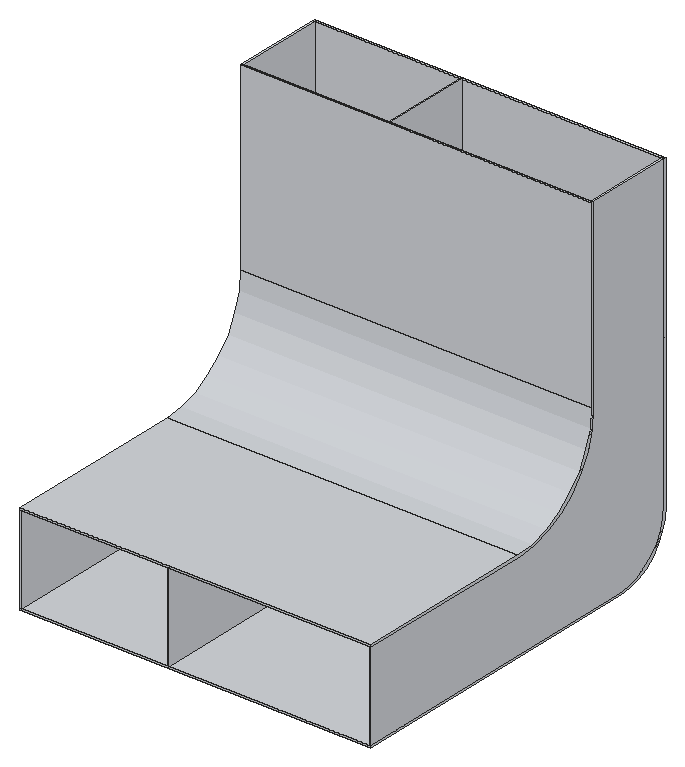
Revit family "Estrichüberdecktes Kanalsystem EÜK_Vertikalkrümmer_2-zügig", category Generic Models, Revit 2015
Parameters (values of type "KV2 19048")
  Width = 200 mm
  URL = "http://www.obo-bettermann.com"
  Size "b" = 110 mm
  Size "a" = 80 mm
  Material = Steel, Galvanized
  Manufacturer Art. No. = "7400628"
  Manufacturer = "OBO Bettermann"
  Length = 190 mm
  Height = 48 mm
  GTIN = "4012195090342"
  Article Type = "KV2 19048"
Types (7, lengths in mm): name | Size "b" | Size "a" | Manufacturer Art. No. | Length | Height | GTIN | Article Type
  (no name) | 110 | 80 | "7400628" | 190 | 48 | "4012195090342" | "KV2 19048"
  KV2 19028 | 110 | 80 | "7400620" | 190 | 28 | "4012195090304" | "KV2 19028"
  KV2 25028 | 140 | 110 | "7400632" | 250 | 28 | "4012195090359" | "KV2 25028"
  KV2 19038 | 110 | 80 | "7400624" | 190 | 38 | "4012195090335" | "KV2 19038"
  KV2 19048 | 110 | 80 | "7400628" | 190 | 48 | "4012195090342" | "KV2 19048"
  KV2 25038 | 140 | 110 | "7400636" | 250 | 38 | "4012195090366" | "KV2 25038"
  KV2 25048 | 140 | 110 | "7400640" | 250 | 48 | "4012195090397" | "KV2 25048"
Reference planes
  plane 1 "Center (Front/Back)": y = 0
  plane 2: z = 25.51
  plane 3 "Center (Left/Right)": x = 0
  plane 4: y = -200
  plane 5: z = 225.51
  plane 6: z = 74.51
  plane 7: y = -49
  plane 8: z = 26.51
  plane 9: y = -1
  plane 10: x = 1
  plane 11: x = 80
  plane 12: x = 190
  plane 13: x = 81
  plane 14: x = 191
Forms (mm)
  Extrusion 1, solid
    sketch origin (0, 0, 0) x (0, 1, 0) y (0, 0, 1)
      loop
        line (-1, 225.51) -> (-1, 56.51)
        arc (-1, 56.51) -> (-9.787, 35.297) -> (-31, 26.51) r 30
        line (-31, 26.51) -> (-200, 26.51) -> (-200, 25.51) -> (-30, 25.51)
        arc (-30, 25.51) -> (-8.787, 34.297) -> (0, 55.51) r 30
        line (0, 55.51) -> (0, 225.51) -> (-1, 225.51)
    from 0 to 191
  Extrusion 2, solid
    sketch origin (0, 0, 0) x (0, 1, 0) y (0, 0, 1)
      loop
        line (-50, 225.51) -> (-50, 125.51)
        arc (-50, 125.51) -> (-64.645, 90.155) -> (-100, 75.51) r 50
        line (-100, 75.51) -> (-200, 75.51) -> (-200, 74.51) -> (-99, 74.51)
        arc (-99, 74.51) -> (-63.645, 89.155) -> (-49, 124.51) r 50
        line (-49, 124.51) -> (-49, 225.51) -> (-50, 225.51)
    from 0 to 191
  Extrusion 3, solid
    sketch origin (0, 0, 0) x (0, 1, 0) y (0, 0, 1)
      loop
        line (-49, 225.51) -> (-49, 124.51)
        arc (-49, 124.51) -> (-63.645, 89.155) -> (-99, 74.51) r 50
        line (-99, 74.51) -> (-200, 74.51) -> (-200, 26.51) -> (-31, 26.51)
        arc (-31, 26.51) -> (-9.787, 35.297) -> (-1, 56.51) r 30
        line (-1, 56.51) -> (-1, 225.51) -> (-49, 225.51)
    from 0 to 1
  Extrusion 4, solid
    sketch origin (0, 0, 0) x (0, 1, 0) y (0, 0, 1)
      loop
        line (-200, 74.51) -> (-200, 26.51) -> (-31, 26.51)
        arc (-31, 26.51) -> (-9.787, 35.297) -> (-1, 56.51) r 30
        line (-1, 56.51) -> (-1, 225.51) -> (-49, 225.51) -> (-49, 124.51)
        arc (-49, 124.51) -> (-63.645, 89.155) -> (-99, 74.51) r 50
        line (-99, 74.51) -> (-200, 74.51)
    from 81 to 80
  Extrusion 5, solid
    sketch origin (0, 0, 0) x (0, 1, 0) y (0, 0, 1)
      loop
        line (-200, 74.51) -> (-200, 26.51) -> (-31, 26.51)
        arc (-31, 26.51) -> (-9.787, 35.297) -> (-1, 56.51) r 30
        line (-1, 56.51) -> (-1, 225.51) -> (-49, 225.51) -> (-49, 124.51)
        arc (-49, 124.51) -> (-63.645, 89.155) -> (-99, 74.51) r 50
        line (-99, 74.51) -> (-200, 74.51)
    from 190 to 191
Lines and regions (mm)
  model lines
    curve 1: line (0, 0, 225.51) -> (0, 0, 55.51)
    curve 2: line (0, -30, 25.51) -> (0, -200, 25.51)
    curve 3: line (0, 0, 225.51) -> (0, -1, 225.51)
    curve 4: line (0, -1, 225.51) -> (0, -1, 56.51)
    curve 5: line (0, -200, 26.51) -> (0, -31, 26.51)
    curve 6: arc (0, 0, 55.51) -> (0, -8.787, 34.297) -> (0, -30, 25.51) r 30
    curve 7: arc (0, -31, 26.51) -> (0, -9.787, 35.297) -> (0, -1, 56.51) r 30
    curve 8: line (0, -200, 26.51) -> (0, -200, 25.51)
    curve 9: line (0, -99, 74.51) -> (0, -200, 74.51)
    curve 10: line (0, -49, 124.51) -> (0, -49, 225.51)
    curve 11: line (0, -49, 225.51) -> (0, -50, 225.51)
    curve 12: line (0, -50, 225.51) -> (0, -50, 125.51)
    curve 13: line (0, -100, 75.51) -> (0, -200, 75.51)
    curve 14: line (0, -200, 74.51) -> (0, -200, 75.51)
    curve 15: arc (0, -50, 125.51) -> (0, -64.645, 90.155) -> (0, -100, 75.51) r 50
    curve 16: arc (0, -49, 124.51) -> (0, -63.645, 89.155) -> (0, -99, 74.51) r 50
    curve 17: line (0, -200, 74.51) -> (0, -200, 26.51)
    curve 18: line (0, -49, 225.51) -> (0, -1, 225.51)
Dimensions and locks
  "Width": plane 5 to level
  "Width": plane 1 "Center (Front/Back)" to plane 4
  locked: curve 10 to curve 12 at 1
  locked: curve 9 to curve 13 at 1
  "Height": plane 6 to plane 8
  locked: plane 8 to level at 1
  locked: plane 1 "Center (Front/Back)" to plane 9 at 1
  "Height": plane 9 to plane 7
  locked: plane 12 to plane 14 at 1
  locked: plane 11 to plane 13 at 1
  plane 3 "Center (Left/Right)" to plane 10 = 1 mm
  "Length": plane 10 to plane 14
  "Size "b"": plane 11 to plane 12
  radius of curve 6 = 30 mm
  radius of curve 15 = 50 mm
  radius of curve 16 = 50 mm
  radius of Extrusion 1 = 30 mm
  aligned and locked: level to plane 2
  aligned and locked: level to curve 2
  aligned and locked: plane 1 "Center (Front/Back)" to curve 1
  aligned and locked: plane 5 to curve 3
  aligned and locked: Extrusion 1 sketch curve to curve 3
  aligned and locked: Extrusion 1 sketch curve to curve 1
  aligned and locked: Extrusion 1 sketch curve to curve 6
  aligned and locked: Extrusion 1 sketch curve to curve 7
  aligned and locked: plane 4 to Extrusion 1 sketch curve
  aligned and locked: Extrusion 1 sketch curve to curve 5
  aligned and locked: plane 4 to curve 8
  aligned and locked: plane 6 to curve 9
  aligned and locked: curve 10 to plane 7
  aligned and locked: plane 5 to curve 11
  aligned and locked: curve 14 to plane 4
  aligned and locked: Extrusion 2 sketch curve to curve 11
  aligned and locked: Extrusion 2 sketch curve to curve 14
  aligned and locked: Extrusion 2 sketch curve to curve 16
  aligned and locked: Extrusion 2 sketch curve to curve 15
  aligned and locked: Extrusion 2 sketch curve to curve 13
  aligned and locked: Extrusion 2 sketch curve to curve 12
  aligned and locked: plane 9 to curve 4
  aligned and locked: Extrusion 2 to Extrusion 1
  aligned and locked: Extrusion 3 sketch curve to curve 18
  aligned and locked: Extrusion 3 sketch curve to Extrusion 1  (x2)
  aligned and locked: Extrusion 3 sketch curve to curve 17
  aligned and locked: Extrusion 3 sketch curve to Extrusion 2  (x2)
  aligned and locked: Extrusion 1 to plane 14
  aligned and locked: Extrusion 3 to plane 10
  aligned and locked: Extrusion 4 sketch curve to Extrusion 3  (x6)
  aligned and locked: Extrusion 4 to plane 11
  aligned and locked: plane 13 to Extrusion 4
  aligned and locked: Extrusion 5 sketch curve to Extrusion 3  (x6)
  aligned and locked: Extrusion 5 to Extrusion 1
  aligned and locked: plane 12 to Extrusion 5
Automatic sketch dimensions
  curve 7 to plane 8 = 0 mm
  curve 5 to curve 2 = 1 mm
